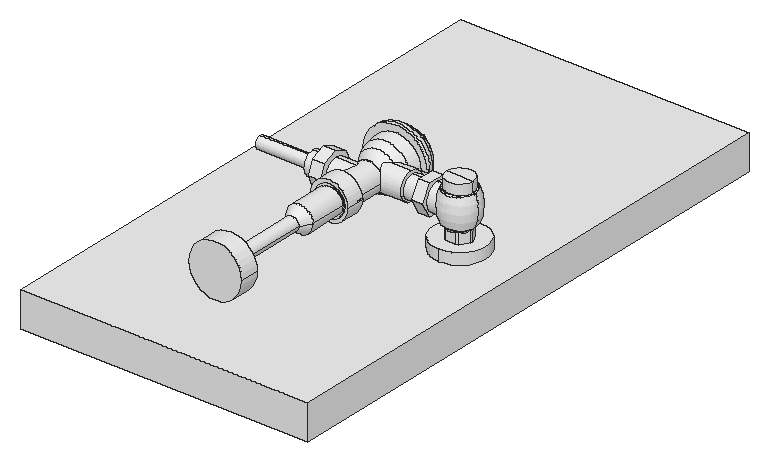
Revit family "Flush_Valve-Manual-Zurn-Exposed-Urinal-Z6003", category Plumbing Fixtures, host Face, Revit 2022
Family settings
  Host = Face
  Round Connector Dimension = Use Radius
  Part Type = Normal
  OmniClass Number = 23.45.05.14.99
  OmniClass Title = Other Sanitary Washing Plumbing Fixtures
  Cut with Voids When Loaded = No
  Maintain Annotation Orientation = No
  Shared = No
  Room Calculation Point = No
Parameters (values of type "Load Family Type Catalog")
  Waste Connection = 1 = 0  # no
  WFU = 0  # constant formula
  Vent Connection = 1 = 0  # no
  Valve Height [instance] = 11.50"
  Type Comments = "Z6003-EWS (0.5 GPF, 11-1/2\" R-I)"
  Repair Parts URL = "https://files.zurn.com/care-cleaning-install-warranty-sheets/fv250.pdf"
  Product data URL = "https://www.zurn.com/products/finish-plumbing/manual-flush-valves/diaphragm/z6003"
  Product Page URL = "https://www.bimobject.com/en-us/zurnindustries/product/zurn_z6003"
  Product Installation Sheet URL = "https://files.zurn.com/care-cleaning-install-warranty-sheets/fv250.pdf"
  Product Documentation Link = "https://files.zurn.com/spec-sheets/z6003_spec.pdf"
  Operating Water Pressure (PSI) = "25 – 80 PSI (172 – 552 kPa)"  # constant formula
  Modified Date = "12/17/2025"  # constant formula
  Max Working Water Temperature = 104 °F  # constant formula
  Manufacturer Brand = "Zurn"  # constant formula
  Main Material = Chrome-Plated Brass - Zurn - Polished
  Keynote = ""
  Inlet Connection Size (inch) = 1.00"  # constant formula
  HWFU = 0  # constant formula
  HW Connection = 1 = 0  # no
  Flush Rate (GPF) = "0.5 GPF"
  Enter Value of  Centerline of Flush Valve to Wall (2.25- 4.25) [instance] = 2.00"
  URL = "https://www.zurn.com/"
  Model = "Z6003"  # constant formula
  Manufacturer = "Zurn Water, LLC"  # constant formula
  Description = "Aquaflush Exposed Urinal Flush Valve"  # constant formula
  Default Elevation = 48.00"
  Date Created = "12/17/2025"  # constant formula
  Centerline of Stop Valve to Centerline of Flush Valve = 4.75"  # constant formula
  Centerline of Flush Valve to Wall [instance] = if([Enter Value of  Centerline of Flush Valve to Wall (2.25- 4.25)] < 2.25", 2.25", if([Enter Value of  Centerline of Flush Valve to Wall (2.25- 4.25)] > 4.25", 4.25", [Enter Value of  Centerline of Flush Valve to Wall (2.25- 4.25)]))  # 2.25"
  CWFU = 0  # constant formula
  CW Connection = 1 = 1  # yes
  Assembly Code = "D2010.60"
  Activation Method = "Manual Operated"  # constant formula
Reference planes (in)
  plane 1 "Center (Front/Back)": y = 0
  plane 2: z = 0
  plane 3 "Center (Left/Right)": x = 0
  plane 4: y = 0
  plane 5: x = 4.75
  plane 6: z = 2.25
  plane 7: z = 2.25
  plane 8: x = 1.44
  plane 9: z = 2.25
  plane 10: y = 22.38
  plane 11: x = -1.2
  plane 12: x = -1.5
  plane 13: y = 9.13
  plane 14: y = 8.63
  plane 15: y = 8.13
  plane 16: z = -2
  plane 17: y = 11.5
  plane 18: z = 0.625
  plane 19: y = 6.015
  plane 20: y = 5.45
Forms (in)
  Extrusion 1, solid, material "Chrome-Plated Brass - Zurn - Polished" <- "Main Material"
    sketch origin (20.08675, -5.08734, 0) x (1, 0, 0) y (0, 1, 0)
      loop
        line (-28.30267, 32.83734) -> (-28.30267, 1.43535) -> (-11.87083, 1.43535) -> (-11.87083, 32.83734) -> (-28.30267, 32.83734)
    from 0 to -2
  Revolve 2, solid, material "Chrome-Plated Brass - Zurn - Polished" <- "Main Material"
    sketch origin (3.14024, -180, 2.25) x (-1, 0, 0) y (0, -1, 0)
      loop
        line (3.14024, -188.13) -> (3.14024, -181.34) -> (2.76024, -181.34) -> (2.76024, -185.45) -> (2.39024, -186.015) -> (2.39024, -188.13) -> (3.14024, -188.13)
      axis (3.14024, -188.13) -> (3.14024, -181.34)
    angle from 0 to 360
  Extrusion 3, solid, material "Chrome-Plated Brass - Zurn - Polished" <- "Main Material", detail levels fine
    sketch origin (-21.97181, 22.38, 48) x (-1, 0, 0) y (0, 0, 1)
      loop
        line (-22.4793, -44.871) -> (-22.98679, -45.75) -> (-22.4793, -46.629) -> (-21.33031, -46.629) -> (-20.88983, -45.86605) -> (-21.46432, -44.871) -> (-22.4793, -44.871)
    from -13.25 to -13.75
  Extrusion 4, solid, material "Chrome-Plated Brass - Zurn - Polished" <- "Main Material", detail levels fine
    sketch origin (0, 0, 0) x (1, 0, 0) y (0, 0, 1)
      loop
        circle (0, 2.25) r 0.86693
    from -8.63 to -8.13
  Extrusion 5, solid, material "Chrome-Plated Brass - Zurn - Polished" <- "Main Material"
    sketch origin (0, 18.18451, 2.25) x (0, 1, 0) y (-1, 0, 0)
      loop
        circle (-6.68451, -4.75) r 1.5
    from -1.625 to -2.25
  Extrusion 6, solid, material "Chrome-Plated Brass - Zurn - Polished" <- "Main Material"
    sketch origin (0, 18.18451, 2.25) x (0, 1, 0) y (-1, 0, 0)
      loop
        circle (-6.68451, -4.75) r 0.625
    from 0 to -1.625
  Extrusion 7, solid, material "Chrome-Plated Brass - Zurn - Polished" <- "Main Material"
    sketch origin (0, 0, 0) x (1, 0, 0) y (0, 0, 1)
      loop
        circle (0, 2.25) r 1.08
    from -9.13 to -8.13
Lines and regions (in)
  Masking region 1
    outline origin (0, 0, 0) x (1, 0, 0) y (0, 0, 1)
      loop
        line (-5.75, 1.91) -> (-2.74, 1.91) -> (-2.74, 1.611) -> (-2.14, 1.611) -> (-2.14, 1.1937) -> (-1.5, 1.1937)
        arc (-1.5, 1.1937) -> (0.15878, 0.42228) -> (1.65968, 1.4682) r 1.8346
        line (1.65968, 1.4682) -> (2.82524, 1.4682) -> (2.82524, 1.24) -> (3.67284, 1.24) -> (3.67284, 0.625) -> (3.25, 0.625) -> (3.25, 0) -> (6.25, 0) -> (6.25, 0.625) -> (5.84, 0.625) -> (5.84, 3.7) -> (3.66, 3.7) -> (3.66, 3.26) -> (2.82524, 3.26) -> (2.82524, 3.03116) -> (1.65999, 3.03116)
        arc (1.65999, 3.03116) -> (0.15914, 4.07769) -> (-1.5, 3.3063) r 1.8346
        line (-1.5, 3.3063) -> (-2.14, 3.3063) -> (-2.14, 2.889) -> (-2.74, 2.889) -> (-2.74, 2.59) -> (-5.75, 2.59) -> (-5.75, 1.91)
  symbolic lines, detail levels fine
    curve 1: arc (16.13166, 1.53838, 0) -> (16.10438, 1.57544, 0) -> (16.06088, 1.56041, 0) r 0.03882
    curve 2: arc (16.01901, -1.49785, 0) -> (16.0878, -1.52321, 0) -> (16.13166, -1.46447, 0) r 0.06127
Dimensions and locks (in)
  locked: plane 4 to plane 1 "Center (Front/Back)"
  "Centerline of Stop Valve to Centerline of Flush Valve": plane 3 "Center (Left/Right)" to plane 5
  "Centerline of Flush Valve to Wall": plane 6 to Extrusion 1
  locked: plane 7 to plane 6
  locked: plane 3 "Center (Left/Right)" to plane 8 at 1.44
  locked: nested 2 to plane 9 at 1.45
  locked: nested 3 to Revolve 2 sketch curve at 0.75
  locked: plane 11 to plane 3 "Center (Left/Right)" at 1.2
  locked: plane 12 to plane 3 "Center (Left/Right)" at 1.5
  locked: plane 14 to plane 15 at 0.5
  equal spacing: Extrusion 1 sketch curve, plane 3 "Center (Left/Right)", Extrusion 1 sketch curve
  locked: Extrusion 1 sketch curve to Extrusion 1 sketch curve at 16.43183
  locked: plane 4 to Extrusion 1 sketch curve at 3.652
  locked: level to plane 16 at 2
  "Valve Height": plane 17 to plane 4
  locked: plane 18 to level at 0.625
  plane 15 to plane 19 = 2.115"
  locked: plane 15 to plane 20 at 2.68
  locked: Revolve 2 sketch curve to Revolve 2 sketch curve at 0.38
  locked: plane 13 to plane 14 at 0.5
  locked: plane 17 to plane 13 at 2.37
  equal spacing: Masking region 1 sketch curve, nested 3, Masking region 1 sketch curve  (x3)
  locked: Masking region 1 sketch curve to Masking region 1 sketch curve at 0.68
  locked: Masking region 1 sketch curve to Masking region 1 sketch curve at 1.278
  locked: Masking region 1 sketch curve to Masking region 1 sketch curve at 2.1126
  equal spacing: Masking region 1 sketch curve, plane 5, Masking region 1 sketch curve  (x2)
  locked: Masking region 1 sketch curve to Masking region 1 sketch curve at 2.18
  locked: Masking region 1 sketch curve to Masking region 1 sketch curve at 3
  equal spacing: Masking region 1 sketch curve, plane 9, Masking region 1 sketch curve
  locked: Masking region 1 sketch curve to Masking region 1 sketch curve at 2.02
  aligned and locked: nested 1 to plane 3 "Center (Left/Right)"
  aligned and locked: nested 1 to plane 4
  aligned and locked: nested 1 to plane 7
  aligned and locked: nested 3 to plane 6
  aligned and locked: nested 3 to plane 3 "Center (Left/Right)"
  aligned and locked: plane 7 to plane 9
  aligned and locked: Revolve 2 sketch curve to plane 3 "Center (Left/Right)"
  aligned and locked: Extrusion 3 sketch curve to nested 3  (x5)
  aligned and locked: Extrusion 3 to plane 14
  aligned and locked: nested 1 to Extrusion 4 sketch curve  (x2)
  aligned and locked: Extrusion 4 to Extrusion 3
  aligned and locked: Extrusion 4 to plane 15
  aligned and locked: plane 17 to nested 2
  aligned and locked: plane 5 to Extrusion 5 sketch curve
  aligned and locked: plane 17 to Extrusion 5 sketch curve
  aligned and locked: Extrusion 5 to Extrusion 1
  aligned and locked: plane 18 to Extrusion 5
  aligned and locked: nested 2 to Extrusion 6 sketch curve
  aligned and locked: plane 17 to Extrusion 6 sketch curve
  aligned and locked: Extrusion 6 to Extrusion 5
  aligned and locked: nested 3 to Extrusion 6
  aligned and locked: Revolve 2 sketch curve to Extrusion 4
  aligned and locked: Revolve 2 sketch curve to Revolve 2 sketch curve  (x2)
  aligned and locked: plane 20 to Revolve 2 sketch curve
  aligned and locked: plane 19 to Revolve 2 sketch curve
  aligned and locked: nested 3 to plane 17
  aligned and locked: plane 13 to Extrusion 3
  aligned and locked: nested 1 to Extrusion 7 sketch curve  (x2)
  aligned and locked: plane 13 to Extrusion 7
  aligned and locked: Extrusion 7 to plane 15
  aligned and locked: Masking region 1 sketch curve to nested 3  (x3)
  aligned and locked: nested 3 to Masking region 1 sketch curve  (x2)
  aligned and locked: Masking region 1 sketch curve to nested 2  (x3)
  aligned and locked: Extrusion 1 to Masking region 1 sketch curve
  aligned and locked: Masking region 1 sketch curve to Extrusion 5  (x2)
  aligned and locked: plane 3 "Center (Left/Right)" to Masking region 1 sketch curve
  aligned and locked: nested 1 to Masking region 1 sketch curve  (x3)
Automatic sketch dimensions
  plane 1 "Center (Front/Back)" to curve 2 = 1.46447"
  plane 5 to curve 2 = 11.32039"
  curve 2 to curve 1 = 0.02245"
  curve 1 to plane 1 "Center (Front/Back)" = 1.53838"
  curve 2 to curve 2 = 0.05138"
  curve 1 to curve 1 = 0.03196"
  curve 1 to curve 1 = 0.03882"
  curve 2 to curve 2 = 0.06127"
  Extrusion 3 sketch curve to plane 3 "Center (Left/Right)" = 0.6415"
  Extrusion 3 sketch curve to plane 6 = 0.11605"
  Extrusion 1 sketch curve to Extrusion 1 sketch curve = 31.402"
  Revolve 2 sketch curve to plane 15 = 0.00"
  Revolve 2 sketch curve to plane 1 "Center (Front/Back)" = 1.34"
  plane 1 "Center (Front/Back)" to Revolve 2 sketch curve = 0.69"
  Masking region 1 sketch curve to plane 12 = 0.00"  (x2)
  plane 8 to Masking region 1 sketch curve = 0.21999"
  Masking region 1 sketch curve to Masking region 1 sketch curve = 0.8476"
  plane 8 to Masking region 1 sketch curve = 0.21968"
  radius of Extrusion 4 sketch curve = 0.86693"
  radius of Extrusion 5 sketch curve = 1.50"
  radius of Extrusion 6 sketch curve = 0.625"
  radius of Extrusion 7 sketch curve = 1.08"
Nested families (in)
  nested 1: "1.Part_Tube_ genric" at (0, -3.28111, 2.25) x (-1, 0, 0) z (0, 1, 0), type "1.Part_Tube_ genric"
  nested 2: "3. Stop Valve" at (4.75, 11.5, 2.2375) x (-1, 0, 0) z (0, 0, 1), type "Family2"
  nested 3: "Manual FV-Head" at (0, 9.1333, 2.25) x (-1, 0, 0) z (0, 1, 0), type "Manual FV-Head"
Connectors (in)
  piping at (4.75, 11.5, 0), diameter 2, driven by "Inlet Connection Size (inch)", driven by "CW Connection"
    settings: on Extrusion 5, index 1, connector inside diameter 24", connector length 0.00", flow factor 0, pipe flow 0 GPM, pressure drop 0.00 psi, fitting loss kfactor 0, connector angle 0.00°, fixture units 0, engagement length 0.00", angle of deflection 0.00°, flow configuration 0, flow direction 1, fitting loss method 0, system type 20, joint type 0, gender type 0, connector reference index -1, connector utility 1, adjustable connector no, is connector primary yes, connector description "Water Inlet"
Definition of nested family "1.Part_Tube_ genric"
  Parameters (values of type "1.Part_Tube_ genric")
    Default Elevation = 48.00"
  Reference planes (in)
    plane 1 "Center (Front/Back)": y = 0
    plane 2: z = 3.28111
    plane 3 "Center (Left/Right)": x = 0
    plane 4: x = -1.5
    plane 5: x = 1.5
    plane 6: z = 4.37111
    plane 7: z = 4.62111
  Forms (in)
    Extrusion 1, solid, detail levels fine
      sketch origin (0, 0, 3.28111) x (1, 0, 0) y (0, 1, 0)
        loop
          circle (0, 0) r 1.5
      from 0 to 1.09
    Extrusion 2, solid, detail levels fine
      sketch origin (0, 0, 3.28111) x (1, 0, 0) y (0, 1, 0)
        loop
          line (1.14898, -0.00001) -> (0.57452, 0.995) -> (-0.57453, 0.995) -> (-1.14898, 0.00001) -> (-0.57452, -0.995) -> (0.57453, -0.995) -> (1.14898, -0.00001)
      from 1.09 to 1.34
    Revolve 3, solid, detail levels coarse+medium
      sketch origin (0, 0, 0) x (1, 0, 0) y (0, 0, 1)
        loop
          line (-1.14898, 4.62111) -> (-1.14898, 4.37111) -> (-1.5, 4.37111) -> (-1.5, 3.28111) -> (0, 3.28111) -> (0, 4.62111) -> (-1.14898, 4.62111)
        axis (0, 4.62111) -> (0, 3.28111)
      angle from 0 to 360
  Dimensions and locks (in)
    equal spacing: plane 5, plane 3 "Center (Left/Right)", plane 4, locked at 1.5 each
    locked: plane 3 "Center (Left/Right)" to plane 4 at 1.5
    locked: plane 6 to level at 1.09
    locked: plane 7 to plane 6 at 0.25
    equal spacing: Extrusion 2 sketch curve, plane 1 "Center (Front/Back)", Extrusion 2 sketch curve
    locked: Extrusion 2 sketch curve to Extrusion 2 sketch curve at 1.99
    equal spacing: Extrusion 2 sketch curve, plane 3 "Center (Left/Right)", Extrusion 2 sketch curve  (x2)
    locked: Extrusion 2 sketch curve to Extrusion 2 sketch curve at 1.99011
    locked: Extrusion 2 sketch curve to Extrusion 2 sketch curve at 1.99009
    locked: Extrusion 2 sketch curve to Extrusion 2 sketch curve (angle 120.00°)  (x5)
    angle Extrusion 2 sketch curve to Extrusion 2 sketch curve = 120.00°
    aligned and locked: plane 2 to level
    aligned and locked: plane 3 "Center (Left/Right)" to Extrusion 1 sketch curve
    aligned and locked: plane 1 "Center (Front/Back)" to Extrusion 1 sketch curve
    aligned and locked: plane 6 to Extrusion 1
    aligned and locked: plane 7 to Extrusion 2
    aligned and locked: Extrusion 2 to Extrusion 1
    aligned and locked: Revolve 3 sketch curve to Extrusion 2
    aligned and locked: plane 6 to Revolve 3 sketch curve
    aligned and locked: Revolve 3 sketch curve to plane 4
    aligned and locked: Revolve 3 sketch curve to level
    aligned and locked: Revolve 3 sketch curve to plane 3 "Center (Left/Right)"  (x2)
    aligned and locked: Extrusion 2 to Revolve 3 sketch curve
  Automatic sketch dimensions
    Revolve 3 sketch curve to level = 0.41"
    plane 7 to Revolve 3 sketch curve = 0.50"
    radius of Extrusion 1 sketch curve = 1.50"
Definition of nested family "3. Stop Valve"
  Parameters (values of type "Family2")
    Default Elevation = 0.00"
  Reference planes (in)
    plane 1 "Center (Front/Back)": y = 0
    plane 2: z = 0
    plane 3 "Center (Left/Right)": x = 0
  Dimensions and locks (in)
    aligned and locked: plane 2 to level
  Nested families (in)
    nested 1: "Stop Valve_ plumbing Fixture_ Genric Template" at (0, 0, 0) x (-1, 0, 0) z (0, -1, 0), type "3.Part_ Stop Valve"
  Definition of nested family "Stop Valve_ plumbing Fixture_ Genric Template"
    Parameters (values of type "3.Part_ Stop Valve")
      Stop Body Finish = none
      Default Elevation = 48.00"
      Assembly Code = ""
    Reference planes (in)
      plane 1 "Center (Front/Back)": y = 0
      plane 2: z = 0
      plane 3 "Center (Left/Right)": x = 0
      plane 4: x = -3.1
      plane 5 "Middle Plane": z = 0
      plane 6: x = 0
      plane 7: x = -3.1
    Forms (in)
      Revolve 1, solid, material <- "Stop Body Finish", detail levels fine
        sketch origin (5.11008, 2.28141, 0) x (-1, 0, 0) y (0, -1, 0)
          loop
            line (4.36008, 3.18991) -> (4.25498, 3.18991)
            arc (4.25498, 3.18991) -> (4.22986, 3.18245) -> (4.21289, 3.16248) r 0.046
            arc (4.21289, 3.16248) -> (4.03022, 2.31942) -> (4.19363, 1.47241) r 2.15
            line (4.19363, 1.47241) -> (4.27508, 1.47241)
            arc (4.27508, 1.47241) -> (4.36347, 1.4358) -> (4.40008, 1.34741) r 0.125
            line (4.40008, 1.34741) -> (4.40008, 1.29134) -> (4.46008, 1.18741) -> (5.11008, 1.18741) -> (5.11008, 3.74391) -> (4.36008, 3.74391) -> (4.36008, 3.18991)
          axis (5.11008, 3.74391) -> (5.11008, 1.18741)
        angle from 0 to 360
      Revolve 2, solid, material <- "Stop Body Finish", detail levels fine
        sketch origin (5.11008, 2.29491, 0) x (-1, 0, 0) y (0, -1, 0)
          loop
            line (6.40484, 2.29491) -> (6.40484, 3.07741) -> (4.98008, 3.07741) -> (4.98008, 2.29491) -> (6.40484, 2.29491)
          axis (4.98008, 2.29491) -> (6.40484, 2.29491)
        angle from 0 to 360
      Extrusion 3, solid, material <- "Stop Body Finish", detail levels fine
        sketch origin (0, 0.96642, 0) x (1, 0, 0) y (0, 0, -1)
          loop
            line (-0.70575, -0.07761) -> (-0.42009, -0.57239)
            arc (-0.42009, -0.57239) -> (-0.355, -0.61488) -> (-0.28566, -0.65) r 0.71
            line (-0.28566, -0.65) -> (0.28566, -0.65)
            arc (0.28566, -0.65) -> (0.355, -0.61488) -> (0.42009, -0.57239) r 0.71
            line (0.42009, -0.57239) -> (0.70575, -0.07761)
            arc (0.70575, -0.07761) -> (0.71, 0) -> (0.70575, 0.07761) r 0.71
            line (0.70575, 0.07761) -> (0.42009, 0.57239)
            arc (0.42009, 0.57239) -> (0.355, 0.61488) -> (0.28566, 0.65) r 0.71
            line (0.28566, 0.65) -> (-0.28566, 0.65)
            arc (-0.28566, 0.65) -> (-0.355, 0.61488) -> (-0.42009, 0.57239) r 0.71
            line (-0.42009, 0.57239) -> (-0.70575, 0.07761)
            arc (-0.70575, 0.07761) -> (-0.71, 0) -> (-0.70575, -0.07761) r 0.71
        from 0 to 0.70508
      Extrusion 4, solid, material <- "Stop Body Finish", detail levels fine
        sketch origin (-1.29476, 0, 0) x (0, 0, -1) y (0, -1, 0)
          loop
            line (-0.50085, 0.8675) -> (-1.0017, 0) -> (-0.50085, -0.8675) -> (0.50085, -0.8675) -> (1.0017, 0) -> (0.50085, 0.8675) -> (-0.50085, 0.8675)
        from 0 to 0.63
      Extrusion 5, solid, detail levels fine
        sketch origin (-1.92476, 0, 0) x (0, 0, -1) y (0, -1, 0)
          loop
            circle (0, 0) r 0.6385
        from 0 to 1.17524
      Extrusion 6, solid, detail levels coarse+medium
        sketch origin (0, 0, 0) x (1, 0, 0) y (0, 0, 1)
          loop
            circle (0, 0) r 1.085
        from 1.4625 to -1.6715
      Revolve 7, solid, detail levels coarse+medium
        sketch origin (0, 0, 0) x (1, 0, 0) y (0, 1, 0)
          loop
            line (-3.1, 0) -> (0, 0) -> (0, 0.7825) -> (-1.29476, 0.7825) -> (-1.29476, 0.995) -> (-1.92476, 0.995) -> (-1.92476, 0.64096) -> (-3.1, 0.64096) -> (-3.1, 0)
          axis (-3.1, 0) -> (0, 0)
        angle from 0 to 360
    Cuts and joins
      joined: Revolve 1, Revolve 2, Extrusion 3, Extrusion 4
    Lines and regions (in)
      model lines, not visible
        curve 1: circle (0, -1.4625, 0) r 0.75 normal (0, -1, 0)
        curve 2: circle (0, 1.6715, 0.02784) r 0.71055 normal (0, -1, 0)
        curve 3: line (-1.29476, -0.7825, 0) -> (-0.93627, -0.7825, 0)
        curve 4: line (-0.93627, -0.7825, 0) -> (-0.89082, -0.9085, 0)
        curve 5: line (-0.75, -1.4625, 0) -> (-0.75, -0.9085, 0)
        curve 8: arc (0.86386, -0.9085, 0) -> (1.07581, -0.05543, 0) -> (0.91645, 0.809, 0) r 2.07986
        curve 9: line (0.71055, 1.6715, 0) -> (0.71055, 0.809, 0)
        curve 10: line (-0.71, 1.6715, 0) -> (-0.71, 0.809, 0)
        curve 11: line (-0.92722, 0.7825, 0) -> (-1.29476, 0.7825, 0)
      model lines, not visible, detail levels coarse+medium
        curve 6: line (0.75, -1.4625, 0) -> (0.75, -0.9085, 0)
        curve 7: line (0.75, -0.9085, 0) -> (0.86386, -0.9085, 0)
    Dimensions and locks (in)
      plane 3 "Center (Left/Right)" to plane 4 = 3.10"
      locked: plane 1 "Center (Front/Back)" to Revolve 7 sketch curve at 0.64096
      plane 1 "Center (Front/Back)" to Revolve 7 sketch curve = 0.995"
      locked: plane 5 "Middle Plane" to level
      locked: plane 6 to plane 3 "Center (Left/Right)"
      locked: plane 7 to plane 6 at 3.1
      aligned and locked: level to plane 2
      aligned and locked: plane 1 "Center (Front/Back)" to Extrusion 5 sketch curve
      aligned and locked: level to Extrusion 5 sketch curve
      aligned and locked: Extrusion 5 to plane 4
      aligned and locked: plane 3 "Center (Left/Right)" to Extrusion 6 sketch curve
      aligned and locked: level to Extrusion 6 sketch curve
      aligned and locked: Extrusion 6 to curve 2
      aligned and locked: Extrusion 6 to curve 1
      aligned and locked: Revolve 7 sketch curve to plane 3 "Center (Left/Right)"
      aligned and locked: plane 1 "Center (Front/Back)" to Revolve 7 sketch curve  (x2)
      aligned and locked: Revolve 7 sketch curve to cut or joined group of Revolve 1, Revolve 2, Extrusion 3, Extrusion 4  (x2)
      aligned and locked: Revolve 7 sketch curve to curve 11
      aligned and locked: plane 4 to Revolve 7 sketch curve
Definition of nested family "Manual FV-Head"
  Parameters (values of type "Manual FV-Head")
    Repair Parts URL = ""
    Product data URL = ""
    Product Weight (lbs) = 0
    Product Page URL = ""
    Product Installation Sheet URL = ""
    Product Documentation Link = ""
    Operating Water Pressure (PSI) = ""
    Modified Date = ""
    Max Working Water Temperature = -459.67 °F
    Manufacturer Brand = ""
    Main Material = none
    Inlet Connection Size (inch) = 0.00"
    Flush Rate (GPF) = ""
    Flow Rate (GPM) = 0 GPM
    Default Elevation = 48.00"
    Date Created = ""
    Aerator Flow Rate (GPM) = 0.0 gal
    Activation Method = ""
  Reference planes (in)
    plane 1 "Center (Front/Back)": y = 0
    plane 2: z = 0
    plane 3 "Center (Left/Right)": x = 0
    plane 4: z = 3.703
    plane 5: z = 4.843
    plane 6: x = 1.8325
    plane 7: x = 1.25
    plane 8: z = 4.07
    plane 9: z = 4.843
    plane 10: z = 5.113
    plane 11: x = -1.452
    plane 12: x = -0.8395
    plane 13: z = 2.69
    plane 14: z = 1.346
    plane 15: z = 1.261
    plane 16: x = 1.45
    plane 17: x = 2.14
    plane 18: x = 2.74
    plane 19: x = 5.75
    plane 20: z = 2.3667
    plane 21: x = -2
  Forms (in)
    Revolve 1, solid, material <- "Main Material", detail levels fine
      sketch origin (0, 0, 0) x (1, 0, 0) y (0, 0, 1)
        loop
          line (0, 3.703) -> (1.8325, 3.703) -> (1.8325, 3.9027)
          arc (1.8325, 3.9027) -> (1.80666, 4.06135) -> (1.73182, 4.20361) r 0.5
          line (1.73182, 4.20361) -> (1.40003, 4.64391)
          arc (1.40003, 4.64391) -> (1.22381, 4.79047) -> (1.00071, 4.843) r 0.5
          line (1.00071, 4.843) -> (0, 4.843) -> (0, 3.703)
        axis (0, 4.843) -> (0, 3.703)
      angle from 0 to 360
    Extrusion 2, solid, material <- "Main Material", detail levels fine
      sketch origin (0, 0, 0) x (1, 0, 0) y (0, 1, 0)
        loop
          line (-0.50749, 0.879) -> (-1.01498, 0) -> (-0.50749, -0.879) -> (0.50749, -0.879) -> (1.01498, 0) -> (0.50749, 0.879) -> (-0.50749, 0.879)
      from 4.843 to 5.113
    Revolve 3, solid, material <- "Main Material", detail levels fine
      sketch origin (0, 0, 0) x (1, 0, 0) y (0, 0, 1)
        loop
          line (0, 1.8) -> (0, 3.703) -> (-1.452, 3.703) -> (-1.33315, 2.99744)
          arc (-1.33315, 2.99744) -> (-1.25374, 2.71616) -> (-1.11572, 2.45853) r 1.35193
          arc (-1.11572, 2.45853) -> (-0.91135, 2.15706) -> (-0.8395, 1.8) r 0.92309
          line (-0.8395, 1.8) -> (0, 1.8)
        axis (0, 3.703) -> (0, 1.8)
      angle from 0 to 360
    Extrusion 4, solid, material <- "Main Material"
      sketch origin (0, 0, 0) x (0, 1, 0) y (0, 0, 1)
        loop
          circle (0, 1.261) r 0.764
      from 0 to 1.45
    Extrusion 5, solid, material <- "Main Material"
      sketch origin (0, 0, 0) x (0, 1, 0) y (0, 0, 1)
        loop
          circle (0, 1.261) r 0.639
      from 2.14 to 2.74
    Extrusion 6, solid, material <- "Main Material", detail levels coarse+medium
      sketch origin (0, 0, 0) x (0, 1, 0) y (0, 0, 1)
        loop
          circle (0, 1.261) r 1.0563
      from 2.14 to 1.45
    Revolve 7, solid, material <- "Main Material", detail levels coarse+medium
      sketch origin (0, 0, 0) x (1, 0, 0) y (0, 0, 1)
        loop
          line (0, 1.8) -> (0.8395, 1.8)
          arc (0.8395, 1.8) -> (1.2915, 2.70924) -> (1.5, 3.703) r 4
          line (1.5, 3.703) -> (1.8484, 3.703) -> (1.8484, 4.843) -> (1.01498, 4.843) -> (1.01498, 5.113) -> (0, 5.113) -> (0, 1.8)
        axis (0, 5.113) -> (0, 1.8)
      angle from 0 to 360
    Extrusion 8, solid, material <- "Main Material"
      sketch origin (0, 0, 0) x (1, 0, 0) y (0, 1, 0)
        loop
          circle (0, 0) r 0.8143
      from 0 to 1.8
    Extrusion 9, solid, material <- "Main Material", detail levels fine
      sketch origin (0, 0, 0) x (0, 1, 0) y (0, 0, 1)
        loop
          line (0, 2.311) -> (-0.74246, 2.00346) -> (-1.05, 1.261) -> (-0.74246, 0.51854) -> (0, 0.211) -> (0.74246, 0.51854) -> (1.05, 1.261) -> (0.74246, 2.00346) -> (0, 2.311)
      from 1.45 to 2.14
    Extrusion 10, solid, material <- "Main Material"
      sketch origin (0, 0, 0) x (0, 1, 0) y (0, 0, 1)
        loop
          circle (0, 1.261) r 0.34
      from 2.74 to 5.75
    Extrusion 11, solid, material <- "Main Material"
      sketch origin (0, 0, 0) x (0, 1, 0) y (0, 0, 1)
        loop
          circle (0, 2.3667) r 0.7813
      from -2 to 0
  Dimensions and locks (in)
    locked: level to plane 4 at 3.703
    locked: plane 4 to plane 5 at 1.14
    locked: plane 4 to plane 8 at 0.367
    equal spacing: Extrusion 2 sketch curve, plane 3 "Center (Left/Right)", Extrusion 2 sketch curve, locked at 1.01498 each
    equal spacing: Extrusion 2 sketch curve, plane 3 "Center (Left/Right)", Extrusion 2 sketch curve, locked at 0.879 each  (x2)
    locked: plane 9 to plane 4 at 1.14
    locked: plane 10 to plane 9 at 0.27
    locked: plane 3 "Center (Left/Right)" to plane 11 at 1.452
    locked: plane 3 "Center (Left/Right)" to plane 12 at 0.8395
    locked: plane 13 to level at 2.69
    locked: Revolve 3 sketch curve to plane 13 at 0.532
    locked: plane 13 to Revolve 3 sketch curve at 0.89
    equal spacing: plane 3 "Center (Left/Right)", Revolve 3 sketch curve, Revolve 3 sketch curve
    locked: plane 14 to level at 1.346
    locked: plane 15 to level at 1.261
    equal spacing: Extrusion 2 sketch curve, plane 1 "Center (Front/Back)", Extrusion 2 sketch curve, locked at 0.879 each
    locked: Revolve 7 sketch curve to plane 3 "Center (Left/Right)" at 1.8484
    locked: Revolve 7 sketch curve to Revolve 7 sketch curve at 2.48735
    locked: Revolve 7 sketch curve to plane 4 at 0.31782
    equal spacing: Extrusion 9 sketch curve, plane 15, Extrusion 9 sketch curve  (x4)
    locked: Extrusion 9 sketch curve to Extrusion 9 sketch curve at 1.94015  (x4)
    locked: plane 16 to plane 3 "Center (Left/Right)" at 1.45
    locked: plane 17 to plane 16 at 0.69
    locked: plane 18 to plane 3 "Center (Left/Right)" at 2.74
    locked: plane 19 to plane 3 "Center (Left/Right)" at 5.75
    locked: plane 20 to level at 2.3667
    locked: plane 3 "Center (Left/Right)" to plane 21 at 2
    radius of Extrusion 8 sketch curve = 0.8143"
    radius of Extrusion 10 sketch curve = 0.34"
    locked: Extrusion 2 sketch curve to Extrusion 2 sketch curve (angle 120.00°)  (x4)
    angle Extrusion 2 sketch curve to Extrusion 2 sketch curve = 120.00°
    locked: Extrusion 9 sketch curve to Extrusion 9 sketch curve (angle 135.00°)  (x7)
    angle Extrusion 9 sketch curve to Extrusion 9 sketch curve = 135.00°
    aligned and locked: plane 2 to level
    aligned and locked: Revolve 1 sketch curve to plane 3 "Center (Left/Right)"  (x2)
    aligned and locked: plane 5 to Revolve 1 sketch curve
    aligned and locked: Extrusion 2 to plane 9
    aligned and locked: plane 10 to Extrusion 2
    aligned and locked: plane 11 to Revolve 3 sketch curve
    aligned and locked: plane 12 to Revolve 3 sketch curve
    aligned and locked: Revolve 3 sketch curve to Revolve 3 sketch curve
    aligned and locked: plane 3 "Center (Left/Right)" to Revolve 3 sketch curve
    aligned and locked: plane 4 to Revolve 3 sketch curve
    aligned and locked: Revolve 3 sketch curve to plane 3 "Center (Left/Right)"
    aligned and locked: plane 15 to Extrusion 4 sketch curve
    aligned and locked: plane 1 "Center (Front/Back)" to Extrusion 4 sketch curve
    aligned and locked: plane 1 "Center (Front/Back)" to Extrusion 5 sketch curve
    aligned and locked: plane 15 to Extrusion 5 sketch curve
    aligned and locked: plane 1 "Center (Front/Back)" to Extrusion 6 sketch curve
    aligned and locked: plane 15 to Extrusion 6 sketch curve
    aligned and locked: Revolve 7 sketch curve to Extrusion 2
    aligned and locked: plane 10 to Revolve 7 sketch curve
    aligned and locked: Revolve 7 sketch curve to plane 3 "Center (Left/Right)"  (x2)
    aligned and locked: Revolve 7 sketch curve to plane 4
    aligned and locked: plane 9 to Revolve 7 sketch curve
    aligned and locked: Revolve 3 to Revolve 7 sketch curve
    aligned and locked: plane 3 "Center (Left/Right)" to Extrusion 8 sketch curve
    aligned and locked: plane 1 "Center (Front/Back)" to Extrusion 8 sketch curve
    aligned and locked: Extrusion 8 to Revolve 3
    aligned and locked: Extrusion 8 to level
    aligned and locked: plane 1 "Center (Front/Back)" to Extrusion 10 sketch curve
    aligned and locked: plane 15 to Extrusion 10 sketch curve
    aligned and locked: plane 16 to Extrusion 4
    aligned and locked: Extrusion 4 to plane 3 "Center (Left/Right)"
    aligned and locked: plane 17 to Extrusion 9
    aligned and locked: Extrusion 9 to Extrusion 4
    aligned and locked: plane 18 to Extrusion 5
    aligned and locked: Extrusion 5 to Extrusion 9
    aligned and locked: plane 19 to Extrusion 10
    aligned and locked: Extrusion 10 to Extrusion 5
    aligned and locked: Extrusion 6 to Extrusion 9
    aligned and locked: plane 1 "Center (Front/Back)" to Extrusion 11 sketch curve
    aligned and locked: plane 20 to Extrusion 11 sketch curve
    aligned and locked: plane 3 "Center (Left/Right)" to Extrusion 11
    aligned and locked: Extrusion 11 to plane 21
  Automatic sketch dimensions
    plane 1 "Center (Front/Back)" to Extrusion 2 sketch curve = 0.00"
    Extrusion 2 sketch curve to plane 3 "Center (Left/Right)" = 0.50749"
    plane 6 to Revolve 1 sketch curve = 0.00"
    Revolve 1 sketch curve to plane 4 = 0.00"
    plane 7 to Revolve 1 sketch curve = 0.24929"
    Revolve 1 sketch curve to plane 7 = 0.0825"
    Revolve 1 sketch curve to plane 7 = 0.15003"
    plane 6 to Revolve 1 sketch curve = 0.10068"
    Revolve 1 sketch curve to plane 4 = 0.5634"
    Revolve 1 sketch curve to Revolve 1 sketch curve = 0.2966"
    Revolve 3 sketch curve to plane 3 "Center (Left/Right)" = 0.00"
    Revolve 3 sketch curve to plane 11 = 0.31059"
    plane 11 to Revolve 3 sketch curve = 0.11885"
    Revolve 3 sketch curve to Revolve 3 sketch curve = 0.16645"
    Revolve 3 sketch curve to Revolve 3 sketch curve = 0.21859"
    Extrusion 2 sketch curve to Extrusion 2 sketch curve = 0.50749"
    Revolve 7 sketch curve to Revolve 7 sketch curve = 0.3484"
    plane 14 to Revolve 7 sketch curve = 0.15706"
    Revolve 7 sketch curve to Revolve 7 sketch curve = 0.39006"
    Extrusion 9 sketch curve to plane 15 = 0.00"
    radius of Extrusion 4 sketch curve = 0.764"
    radius of Extrusion 5 sketch curve = 0.639"
    radius of Extrusion 6 sketch curve = 1.0563"
    radius of Extrusion 11 sketch curve = 0.7813"
Types in the file's own list only (16): name | Type Comments | Inlet Connection Size (inch) | Flush Rate (GPF) | Default Elevation | Centerline of Stop Valve to Centerline of Flush Valve
  Z6003-WS1 (1.0 GPF, 11-1/2") | "Z6003-WS1 (1.0 GPF, 11-1/2\" R-I)" | 1.00 " | "1.0 GPF" | 48.00 " | 4.75 "
  Z6003-EWS (0.5 GPF, 11-1/2") | "Z6003-EWS (0.5 GPF, 11-1/2\" R-I)" | 1.00 " | "0.5 GPF" | 48.00 " | 4.75 "
  Z6003-ULF (0.125 GPF, 11-1/2") | "Z6003-ULF (0.125 GPF, 11-1/2\" R-I)" | 1.00 " | "0.125 GPF" | 48.00 " | 4.75 "
  Z6003-1-ULF (0.125 GPF, 16" ) | "Z6003-1-ULF (0.125 GPF, 16\" R-I )" | 1.00 " | "0.125 GPF" | 48.00 " | 4.75 "
  Z6003-1-EWS (0.5 GPF, 16") | "Z6003-1-EWS (0.5 GPF, 16\" R-I)" | 1.00 " | "0.5 GPF" | 48.00 " | 4.75 "
  Z6003-1-WS1 (1.0 GPF, 16") | "Z6003-1-WS1 (1.0 GPF, 16\" R-I)" | 1.00 " | "1.0 GPF" | 48.00 " | 4.75 "
  Z6003-2-ULF (0.125 GPF, 24") | "Z6003-2-ULF (0.125 GPF, 24\" R-I)" | 1.00 " | "0.125 GPF" | 48.00 " | 4.75 "
  Z6003-2-EWS (0.5 GPF, 24") | "Z6003-2-EWS (0.5 GPF, 24\" R-I)" | 1.00 " | "0.5 GPF" | 48.00 " | 4.75 "
  Z6003-2-WS1 (1.0 GPF, 24") | "Z6003-2-WS1 (1.0 GPF, 24\" R-I)" | 1.00 " | "1.0 GPF" | 48.00 " | 4.75 "
  Z6003-3-EWS (0.5 GPF, 27") | "Z6003-3-EWS (0.5 GPF, 27\" R-I)" | 1.00 " | "0.5 GPF" | 48.00 " | 4.75 "
  Z6003-3-ULF (0.125 GPF, 27") | "Z6003-3-ULF (0.125 GPF, 27\" R-I)" | 1.00 " | "0.125 GPF" | 48.00 " | 4.75 "
  Z6003-3-WS1 (1.0 GPF, 27") | "Z6003-3-WS1 (1.0 GPF, 27\" R-I)" | 1.00 " | "1.0 GPF" | 48.00 " | 4.75 "
  Z6003 (1.5 GPF, 11-1/2") | "Z6003 (1.5 GPF, 11-1/2\" R-I)" | 1.00 " | "1.5 GPF" | 48.00 " | 4.75 "
  Z6003-1 (1.5 GPF, 16") | "Z6003-1 (1.5 GPF, 16\" R-I)" | 1.00 " | "1.5 GPF" | 48.00 " | 4.75 "
  Z6003-2 (1.5 GPF, 24") | "Z6003-2 (1.5 GPF, 24\" R-I)" | 1.00 " | "1.5 GPF" | 48.00 " | 4.75 "
  Z6003-3 (1.5 GPF, 27") | "Z6003-3 (1.5 GPF, 27\" R-I)" | 1.00 " | "1.5 GPF" | 48.00 " | 4.75 "
